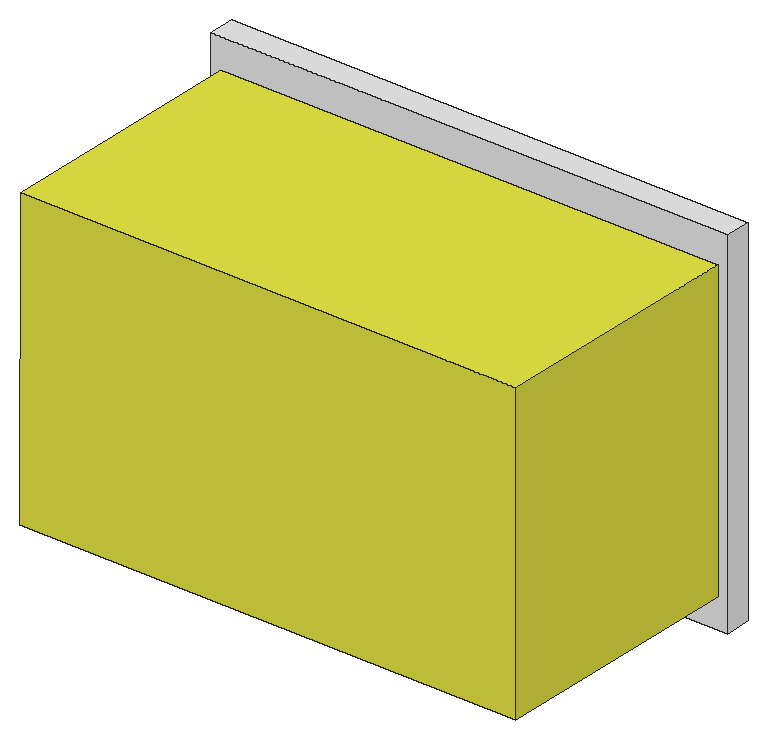
Revit family "Elet_Cx_Parede_4x2_Tomadas", category Electrical Fixtures, host Wall, Revit 2025
Family settings
  Host = Wall
  Round Connector Dimension = Use Diameter
  Part Type = Normal
  OmniClass Number = 23.80.00.00
  OmniClass Title = Electric Power and Lighting
  Always vertical = Yes
  Cut with Voids When Loaded = No
  Maintain Annotation Orientation = No
  Shared = No
  Room Calculation Point = Yes
Parameters (values of type "Tomada_Baixa")
  Mat_Tampa = PVC eletricas tampas
  Mat_Caixa = PVC elétricas caixas
  Default Elevation = 0 mm
  Altura = 300 mm
Types (3, lengths in mm): name | Mat_Caixa | Altura
  Tomada_Baixa | PVC elétricas caixas | 300
  Tomada_Alta | PVC eletricas tampas | 2225
  Tomada Média | PVC eletricas tampas | 1200
Reference planes
  plane 1: y = 0
  plane 2 "Center (Left/Right)": x = 125
  plane 3 "Back": y = 75
  plane 4: z = 300
  plane 5: z = 328.795
Forms (mm)
  Extrusion 1, solid, material "PVC elétricas caixas" <- "Mat_Caixa"
    sketch origin (132.516, 26.3, 1523.376) x (0, 0, -1) y (-1, 0, 0)
      loop
        line (1194.582, 55.516) -> (1194.582, -40.484) -> (1252.171, -40.484) -> (1252.171, 55.516) -> (1194.582, 55.516)
    from 0 to 48.7
  Extrusion 2, solid, material "PVC eletricas tampas" <- "Mat_Tampa"
    sketch origin (0, 0, 0) x (1, 0, 0) y (0, 1, 0)
      loop
        line (75, 75) -> (175, 75) -> (175, 80) -> (75, 80) -> (75, 75)
    from 265.416 to 334.584
Text (mm)
  text "Placement side" at (-1867.185, 1116.779, 0), in view "Ref. Level"
  text "Placement side" at (0, -15.653, 3001.832), in view "Left"
  text "Placement side" at (0, 530.812, 2999.686), in view "Right"
Dimensions and locks
  locked: plane 3 "Back" to host wall
  locked: Extrusion 1 to Extrusion 1 at 96
  Extrusion 1 to Extrusion 1 = 96 mm  (x2)
  "Altura": level to plane 4
  locked: Extrusion 1 to Extrusion 1 at 57.589
  equal spacing: Extrusion 1, plane 4, Extrusion 1
  locked: plane 4 to plane 5 at 28.795
  equal spacing: Extrusion 2, plane 2 "Center (Left/Right)", Extrusion 2
  equal spacing: Extrusion 1, plane 2 "Center (Left/Right)", Extrusion 1
  equal spacing: Extrusion 2, plane 4, Extrusion 2
  locked: plane 5 to Extrusion 2 at 5.789
  locked: Extrusion 2 to Extrusion 1 at 5.789
  locked: Extrusion 2 to Extrusion 2 at 5
  aligned and locked: plane 1 to host wall
  aligned and locked: Extrusion 1 to plane 3 "Back"
  aligned and locked: plane 5 to Extrusion 1
  aligned and locked: Extrusion 2 to Extrusion 1
Automatic sketch dimensions
  plane 4 to Extrusion 1 sketch curve = 28.795 mm
  Extrusion 1 sketch curve to Extrusion 1 sketch curve = 57.589 mm
  plane 2 "Center (Left/Right)" to Extrusion 1 sketch curve = 48 mm
  Extrusion 1 sketch curve to plane 2 "Center (Left/Right)" = 48 mm
  Extrusion 2 sketch curve to host wall = 0 mm
  host wall to Extrusion 2 sketch curve = 5 mm
  Extrusion 2 sketch curve to plane 2 "Center (Left/Right)" = 50 mm
  plane 2 "Center (Left/Right)" to Extrusion 2 sketch curve = 50 mm
